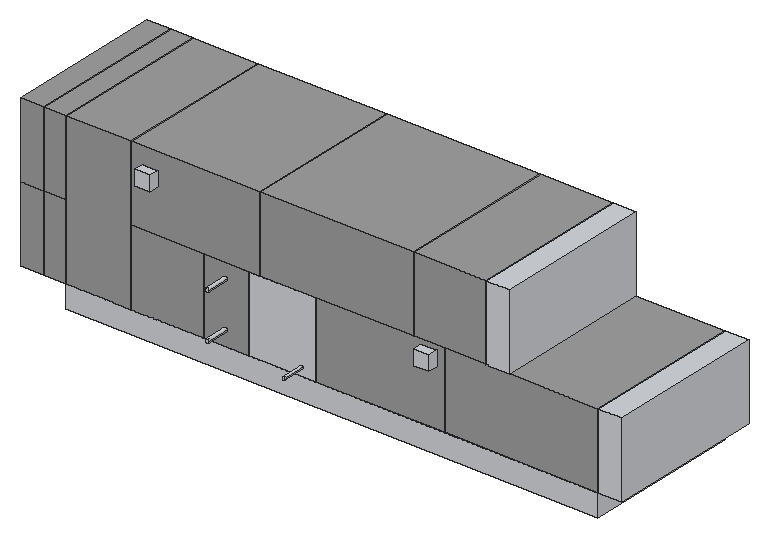
Revit family "Приточная-вытяжная система с водяным нагревом фреоновым охлаждением", category Оборудование, Revit 2021
Family settings
  Размер круглого соединителя = Использовать диаметр
  Классификация = Нет
  Тип детали = Нормальный
  На основе рабочей плоскости = Нет
  Всегда вертикально = Да
  При загрузке вырезать с полостями = Нет
  Общий = Нет
  Точка принадлежности помещению = Нет
Parameters (values of type "1А")
  Ширина ГВ = ADSK_Размер_Ширина  # 850 mm
  Частота вращения двигателя приток = 2835
  Частота вращения двигателя вытяжка = 2835
  Сторона обслуживания [instance] = "Справа"
  Слив конденсата = 15 mm
  Подключение нагревателя G [instance] = 20 mm
  Подключение испарителя K [instance] = 16 mm
  Подключение испарителя E = 12 mm
  Отметка по умолчанию = 0 mm
  Мощность двигателя приток = 0.55 kW
  Мощность двигателя вытяжка = 0.55 kW
  Коллектор испарителя выход = "1 х 16мм"
  Коллектор испарителя вход = "1 х 12мм"
  Длина секции испарителя [instance] = 361 mm
  Длина секции вентилятора FA (вытяжка) (по умолчанию) = 690 mm
  Длина камеры смешения = 349 mm
  Длина гибкой встаки = 125 mm
  Длина секции шумоглушения SL [instance] = 825 mm
  Длина секции нагревателя HW [instance] = 240 mm
  Длина клапана FC = 120 mm
  Длина секции вентилятора FA (приток) [instance] = 690 mm
  Длина секции фильтра F [instance] = 390 mm
  Высота рамы = 120 mm
  Высота ГВ = ADSK_Размер_Высота  # 404 mm
  ADSK_Тип воздушного фильтра [instance] = "G3"
  ADSK_Свободный напор воздуха = 400.0 Pa
  ADSK_Расход теплоносителя = 0.57 m³/h
  ADSK_Расход воздуха приточный [instance] = 1200.0 m³/h
  ADSK_Расход воздуха вытяжной = 1200.0 m³/h
  ADSK_Размер_Ширина = 850 mm
  ADSK_Размер_Высота = 404 mm
  ADSK_Обозначение = "ПВ4.1"
  ADSK_Напряжение = 380 V
  ADSK_Наименование краткое [instance] = "1A"
  ADSK_Масса = 424
Types (16, lengths in mm): name | Ширина ГВ | Частота вращения двигателя приток | Частота вращения двигателя вытяжка | Слив конденсата | Подключение нагревателя G | Подключение испарителя K | Подключение испарителя E | Мощность двигателя приток | Мощность двигателя вытяжка | Коллектор испарителя выход | Коллектор испарителя вход | Длина секции испарителя | Длина секции вентилятора FA (вытяжка) (по умолчанию) | Длина камеры смешения | Длина секции шумоглушения SL | Длина секции нагревателя HW | Длина секции вентилятора FA (приток) | Высота ГВ | ADSK_Расход теплоносителя | ADSK_Расход воздуха приточный | ADSK_Расход воздуха вытяжной | ADSK_Размер_Ширина | ADSK_Размер_Высота | ADSK_Обозначение | ADSK_Наименование краткое | ADSK_Масса
  1А | 850 | 2835 | 2835 | 15 | 20 | 16 | 12 | 0.55 kW | 0.55 kW | "1 х 16мм" | "1 х 12мм" | 361 | 690 | 349 | 825 | 240 | 690 | 404 | 0.57 m³/h | 1200.0 m³/h | 1200.0 m³/h | 850 | 404 | "ПВ4.1" | "1A" | 424
  2А | 980 | 2830 | 2805 | 15 | 20 | 22 | 15 | 1.1 kW | 0.75 kW | "1 х 22мм" | "1 х 15мм" | 361 | 690 | 349 | 825 | 240 | 690 | 505 | 1.18 m³/h | 2500.0 m³/h | 2550.0 m³/h | 980 | 505 | "ПВ4.2" | "2A" | 496
  16B | 2580 | 1465 | 1460 | 25 | 65 | 35 | 28 | 18.5 kW | 15.0 kW | "4 х 35мм" | "4 х 28мм" | 401 | 1990 | 1346 | 862 | 336 | 2120 | 2580 | 15.55 m³/h | 33000.0 m³/h | 33000.0 m³/h | 2580 | 2580 | "ПВ4.16" | "16B" | 3196
  3A | 1080 | 2880 | 2830 | 15 | 20 | 22 | 16 | 1.5 kW | 1.1 kW | "1 х 22мм" | "1 х 16мм" | 361 | 740 | 383 | 825 | 240 | 820 | 695 | 1.65 m³/h | 3500.0 m³/h | 3500.0 m³/h | 1080 | 695 | "ПВ4.3" | "3А" | 600
  4A | 1360 | 2880 | 2880 | 15 | 25 | 22 | 16 | 2.2 kW | 1.5 kW | "1 х 22мм" | "1 х 16мм" | 361 | 820 | 440 | 825 | 240 | 820 | 695 | 2.12 m³/h | 4500.0 m³/h | 4500.0 m³/h | 1360 | 695 | "ПВ4.4" | "4A" | 698
  5A | 1360 | 2905 | 2880 | 15 | 25 | 22 | 16 | 3.0 kW | 2.2 kW | "1 х 22мм" | "1 х 16мм" | 361 | 820 | 437 | 825 | 240 | 850 | 803 | 2.59 m³/h | 5500.0 m³/h | 5500.0 m³/h | 1360 | 803 | "ПВ4.5" | "5A" | 758
  6A | 1580 | 1455 | 2905 | 15 | 32 | 35 | 28 | 2.2 kW | 3.0 kW | "1 х 35мм" | "1 х 28мм" | 361 | 850 | 437 | 825 | 240 | 1350 | 803 | 3.06 m³/h | 6500.0 m³/h | 6500.0 m³/h | 1580 | 803 | "ПВ4.6" | "6A" | 888
  7A | 1580 | 2945 | 2945 | 15 | 25 | 28 | 22 | 4.0 kW | 4.0 kW | "1 х 28мм" | "1 х 22мм" | 361 | 900 | 531 | 825 | 240 | 1250 | 990 | 3.53 m³/h | 7500.0 m³/h | 7500.0 m³/h | 1580 | 990 | "ПВ4.7" | "7A" | 978
  8A | 1950 | 1455 | 2945 | 15 | 32 | 28 | 22 | 3.0 kW | 4.0 kW | "1 х 28мм" | "1 х 22мм" | 361 | 1250 | 531 | 825 | 240 | 1350 | 990 | 4.01 m³/h | 8500.0 m³/h | 85000.0 m³/h | 1950 | 990 | "ПВ4.8" | "8A" | 1151
  9A | 2160 | 1455 | 1455 | 15 | 32 | 35 | 28 | 3.0 kW | 3.0 kW | "1 х 35мм" | "1 х 28мм" | 361 | 1350 | 583 | 825 | 240 | 1380 | 1095 | 4.71 m³/h | 10000.0 m³/h | 10000.0 m³/h | 2160 | 1095 | "ПВ4.9" | "9A" | 1323
  10B | 2040 | 1465 | 1460 | 25 | 40 | 35 | 28 | 5.5 kW | 4.0 kW | "2 х 35мм" | "2 х 28мм" | 401 | 1460 | 736 | 862 | 281 | 1635 | 1360 | 6.13 m³/h | 13000.0 m³/h | 13000.0 m³/h | 2040 | 1360 | "ПВ4.10" | "10B" | 1663
  12B | 2040 | 1470 | 1465 | 25 | 50 | 35 | 28 | 11.0 kW | 7.5 kW | "2 х 35мм" | "2 х 28мм" | 401 | 1635 | 896 | 862 | 305 | 1675 | 1680 | 8.48 m³/h | 18000.0 m³/h | 18000.0 m³/h | 2040 | 1680 | "ПВ4.12" | "12B" | 1936
  11B | 2580 | 1465 | 1465 | 25 | 40 | 35 | 28 | 7.5 kW | 5.5 kW | "2 х 35мм" | "2 х 28мм" | 401 | 1635 | 736 | 862 | 281 | 1635 | 1360 | 7.54 m³/h | 16000.0 m³/h | 16000.0 m³/h | 2580 | 1360 | "ПВ4.11" | "11B" | 1962
  13B | 2040 | 1470 | 1465 | 25 | 50 | 35 | 28 | 11.0 kW | 7.5 kW | "1 х 35мм" | "1 х 28мм" | 401 | 1635 | 1076 | 862 | 305 | 1945 | 2040 | 9.42 m³/h | 20000.0 m³/h | 20000.0 m³/h | 2040 | 2040 | "ПВ4.13" | "13B" | 2224
  14B | 2580 | 1470 | 1470 | 25 | 50 | 35 | 28 | 11.0 kW | 11.0 kW | "2 х 35мм" | "2 х 28мм" | 401 | 1945 | 896 | 862 | 305 | 1945 | 1680 | 10.84 m³/h | 23000.0 m³/h | 23000.0 m³/h | 2580 | 1680 | "ПВ4.14" | "14B" | 2350
  15B | 2580 | 1460 | 1470 | 25 | 50 | 35 | 28 | 15.0 kW | 11.0 kW | "3 х 35мм" | "3 х 28мм" | 401 | 1945 | 1076 | 862 | 305 | 1945 | 2040 | 11.78 m³/h | 25000.0 m³/h | 25000.0 m³/h | 2580 | 2040 | "ПВ4.15" | "15B" | 2616
Reference planes
  plane 1 "По центру (Вперед/Назад)": y = 0
  plane 2: z = -120
  plane 3 "По центру (Влево/Вправо)": x = 0
  plane 4 "Ширина": y = -850
  plane 5: x = 229
  plane 6: x = 469
  plane 7: x = 1520
  plane 8: x = 2345
  plane 9: x = -630
  plane 10: x = -755
  plane 11: x = 2345
  plane 12: z = -120
  plane 13: z = -120
  plane 14: x = 2470
  plane 15 "Рама": z = -240
  plane 16: x = 830
  plane 17 "По центру Л/С": z = 284
  plane 18: x = -510
  plane 19 "По центру Л/Т": z = 688
  plane 20: x = -161
  plane 21: x = 529
  plane 22: x = 1354
  plane 23: x = 1744
  plane 24: x = 1869
Forms (mm)
  Extrusion 1, solid, material "По умолчанию"
    sketch origin (410, 0, 991.547) x (1, 0, 0) y (0, 0, 1)
      loop
        line (-571, -1111.547) -> (-181, -1111.547) -> (-181, -707.547) -> (-571, -707.547) -> (-571, -1111.547)
    from 0 <- "Отметка по умолчанию" to 850 <- "ADSK_Размер_Ширина"
  Extrusion 2, solid, material "По умолчанию"
    sketch origin (1011.876, 0, 111.547) x (1, 0, 0) y (0, 0, 1)
      loop
        line (-782.876, -231.547) -> (-542.876, -231.547) -> (-542.876, 172.453) -> (-782.876, 172.453) -> (-782.876, -231.547)
    from 0 to 850 <- "ADSK_Размер_Ширина"
  Extrusion 3, solid, material "По умолчанию"
    sketch origin (1531.876, 0, 111.547) x (1, 0, 0) y (0, 0, 1)
      loop
        line (-701.876, -231.547) -> (-11.876, -231.547) -> (-11.876, 172.453) -> (-701.876, 172.453) -> (-701.876, -231.547)
    from 0 to 850 <- "ADSK_Размер_Ширина"
  Extrusion 4, solid, material "По умолчанию"
    sketch origin (2191.876, 0, 111.547) x (1, 0, 0) y (0, 0, 1)
      loop
        line (-671.876, -231.547) -> (153.124, -231.547) -> (153.124, 172.453) -> (-671.876, 172.453) -> (-671.876, -231.547)
    from 0 to 850 <- "ADSK_Размер_Ширина"
  Extrusion 5, solid, material "По умолчанию"
    sketch origin (-570, 0, 0) x (1, 0, 0) y (0, 0, 1)
      loop
        line (-60, 284) -> (-185, 284) -> (-185, -120) -> (-60, -120) -> (-60, 284)
    from 0 to 850 <- "Ширина ГВ"
  Extrusion 6, solid
    sketch origin (1231.876, -850, 111.547) x (1, 0, 0) y (0, 0, 1)
      loop
        circle (-887.876, -151.547) r 10
      loop
        circle (-887.876, 92.453) r 10
    from 0 to 120
  Extrusion 7, solid
    sketch origin (1521.876, -850, 111.547) x (1, 0, 0) y (0, 0, 1)
      loop
        line (-123.706, 149) -> (-123.706, 69) -> (-43.706, 69) -> (-43.706, 149) -> (-123.706, 149)
    from 0 to 50
  Extrusion 8, solid
    sketch origin (621.876, 0, 111.547) x (1, 0, 0) y (0, 0, 1)
      loop
        line (1848.124, -231.547) -> (1848.124, 172.453) -> (1723.124, 172.453) -> (1723.124, -231.547) -> (1848.124, -231.547)
    from 0 to 850 <- "Ширина ГВ"
  Extrusion 9, solid
    sketch origin (0, 0, 0) x (1, 0, 0) y (0, 0, 1)
      loop
        line (-510, -240) -> (2345, -240) -> (2345, -120) -> (-510, -120) -> (-510, -240)
    from 0 to 850 <- "ADSK_Размер_Ширина"
  Extrusion 10, solid
    sketch origin (621.876, 0, 111.547) x (1, 0, 0) y (0, 0, 1)
      loop
        line (-152.876, 172.453) -> (-152.876, -231.547) -> (208.124, -231.547) -> (208.124, 172.453) -> (-152.876, 172.453)
    from 0 to 850 <- "ADSK_Размер_Ширина"
  Extrusion 11, solid, not visible
    sketch origin (1551.876, -850, 111.547) x (1, 0, 0) y (0, 0, 1)
      loop
        circle (-902.376, -151.547) r 8
      loop
        circle (-902.376, 92.453) r 6
    from 0 to 120
  Extrusion 12, solid
    sketch origin (0, 0, 0) x (1, 0, 0) y (0, 0, 1)
      loop
        circle (754.309, -77.394) r 7.5
    from 850 to 970
  Extrusion 13, solid, material "По умолчанию"
    sketch origin (-1.876, 0, 1291.547) x (1, 0, 0) y (0, 0, 1)
      loop
        line (-508.124, -1411.547) -> (-159.124, -1411.547) -> (-159.124, -603.547) -> (-508.124, -603.547) -> (-508.124, -1411.547)
    from 0 <- "Отметка по умолчанию" to 850 <- "ADSK_Размер_Ширина"
  Extrusion 14, solid, material "По умолчанию"
    sketch origin (662.808, 0, 1502.346) x (1, 0, 0) y (0, 0, 1)
      loop
        line (-823.808, -1218.346) -> (-133.808, -1218.346) -> (-133.808, -814.346) -> (-823.808, -814.346) -> (-823.808, -1218.346)
    from 0 to 850 <- "ADSK_Размер_Ширина"
  Extrusion 15, solid
    sketch origin (825.605, -850, 1430.079) x (1, 0, 0) y (0, 0, 1)
      loop
        line (-924.936, -832.365) -> (-924.936, -912.365) -> (-844.936, -912.365) -> (-844.936, -832.365) -> (-924.936, -832.365)
    from 0 to 50
  Extrusion 16, solid, material "По умолчанию"
    sketch origin (2216.876, 0, 1191.547) x (1, 0, 0) y (0, 0, 1)
      loop
        line (-1687.876, -907.547) -> (-862.876, -907.547) -> (-862.876, -503.547) -> (-1687.876, -503.547) -> (-1687.876, -907.547)
    from 0 to 850 <- "ADSK_Размер_Ширина"
  Extrusion 17, solid, material "По умолчанию"
    sketch origin (2595.082, 0, 2052.405) x (1, 0, 0) y (0, 0, 1)
      loop
        line (-1241.082, -1768.405) -> (-851.082, -1768.405) -> (-851.082, -1364.405) -> (-1241.082, -1364.405) -> (-1241.082, -1768.405)
    from 0 <- "Отметка по умолчанию" to 850 <- "ADSK_Размер_Ширина"
  Extrusion 18, solid
    sketch origin (465.055, 0, 1158.497) x (1, 0, 0) y (0, 0, 1)
      loop
        line (1403.945, -874.497) -> (1403.945, -470.497) -> (1278.945, -470.497) -> (1278.945, -874.497) -> (1403.945, -874.497)
    from 0 to 850 <- "Ширина ГВ"
  Extrusion 19, solid, material "По умолчанию"
    sketch origin (-518.477, 0, 657.489) x (1, 0, 0) y (0, 0, 1)
      loop
        line (-111.523, 30.511) -> (-236.523, 30.511) -> (-236.523, -373.489) -> (-111.523, -373.489) -> (-111.523, 30.511)
    from 0 to 850 <- "Ширина ГВ"
  Extrusion 20, solid, material "По умолчанию"
    sketch origin (-744.477, 0, 293.489) x (1, 0, 0) y (0, 0, 1)
      loop
        line (234.477, -9.489) -> (114.477, -9.489) -> (114.477, -413.489) -> (234.477, -413.489) -> (234.477, -9.489)
    from 0 to 850 <- "Ширина ГВ"
  Extrusion 21, solid, material "По умолчанию"
    sketch origin (-669.906, 0, 1231.199) x (1, 0, 0) y (0, 0, 1)
      loop
        line (159.906, -543.199) -> (39.906, -543.199) -> (39.906, -947.199) -> (159.906, -947.199) -> (159.906, -543.199)
    from 0 to 850 <- "Ширина ГВ"
Dimensions and locks
  Extrusion 1 sketch curve to Extrusion 1 sketch curve = 404 mm
  "Длина секции нагревателя HW": plane 6 to plane 5
  "Длина секции вентилятора FA (приток)": plane 7 to plane 16
  "Длина секции шумоглушения SL": plane 8 to plane 7
  Extrusion 2 sketch curve to Extrusion 2 sketch curve = 404 mm
  Extrusion 3 sketch curve to Extrusion 3 sketch curve = 404 mm
  Extrusion 4 sketch curve to Extrusion 4 sketch curve = 404 mm
  "ADSK_Размер_Ширина": plane 1 "По центру (Вперед/Назад)" to plane 4 "Ширина"
  "Длина гибкой встаки": plane 9 to plane 10
  locked: Extrusion 6 sketch curve to level at 80
  equal spacing: plane 6, Extrusion 6 sketch curve, plane 5  (x2)
  locked: Extrusion 7 sketch curve to Extrusion 7 sketch curve at 80  (x2)
  plane 7 to Extrusion 7 sketch curve = 41.831 mm
  locked: plane 4 "Ширина" to Extrusion 7 at 50
  level to plane 13 = 0 mm
  "Высота ГВ": Extrusion 5 sketch curve to Extrusion 5 sketch curve
  "Длина гибкой встаки": plane 14 to plane 11
  "Высота ГВ": Extrusion 8 sketch curve to Extrusion 8 sketch curve
  Extrusion 8 sketch curve to level = 0 mm
  "Длина секции испарителя": plane 16 to plane 6
  equal spacing: plane 16, Extrusion 11 sketch curve, plane 6  (x2)
  "ADSK_Размер_Высота": plane 17 "По центру Л/С" to level
  "Длина клапана FC": plane 18 to plane 9
  "ADSK_Размер_Высота": plane 19 "По центру Л/Т" to plane 17 "По центру Л/С"
  Extrusion 13 sketch curve to Extrusion 13 sketch curve = 808 mm
  "Длина камеры смешения": plane 20 to plane 18
  "Длина секции фильтра F": plane 5 to plane 20
  Extrusion 14 sketch curve to Extrusion 14 sketch curve = 404 mm
  locked: Extrusion 15 sketch curve to Extrusion 15 sketch curve at 80  (x2)
  "Длина секции вентилятора FA (вытяжка) (по умолчанию)": plane 21 to plane 20
  locked: Extrusion 14 to Extrusion 15 at 61.669
  locked: Extrusion 14 to Extrusion 15 at 90.286
  "Длина секции шумоглушения SL": plane 22 to plane 21
  Extrusion 16 sketch curve to Extrusion 16 sketch curve = 404 mm
  "Длина секции фильтра F": plane 23 to plane 22
  Extrusion 17 sketch curve to Extrusion 17 sketch curve = 404 mm
  "Высота ГВ": Extrusion 18 sketch curve to Extrusion 18 sketch curve
  "Длина гибкой встаки": plane 24 to plane 23
  "Высота ГВ": Extrusion 19 sketch curve to Extrusion 19 sketch curve
  "Высота ГВ": Extrusion 20 sketch curve to Extrusion 20 sketch curve
  "Высота ГВ": Extrusion 21 sketch curve to Extrusion 21 sketch curve
  "Подключение нагревателя G": diameter of Extrusion 6 sketch curve  (x2)
  "Подключение испарителя E": diameter of Extrusion 11 sketch curve
  "Подключение испарителя K": diameter of Extrusion 11 sketch curve
  "Слив конденсата": diameter of Extrusion 12 sketch curve
  aligned and locked: level to plane 2
  aligned and locked: plane 5 to Extrusion 1
  aligned and locked: Extrusion 1 to level
  aligned and locked: Extrusion 1 to plane 4 "Ширина"
  aligned and locked: plane 6 to Extrusion 2
  aligned and locked: plane 7 to Extrusion 3
  aligned and locked: plane 8 to Extrusion 4
  aligned and locked: Extrusion 2 to Extrusion 1  (x3)
  aligned and locked: Extrusion 4 to plane 7
  aligned and locked: Extrusion 4 to Extrusion 1  (x2)
  aligned and locked: Extrusion 3 to Extrusion 1  (x2)
  aligned and locked: Extrusion 2 to level
  aligned and locked: Extrusion 3 to level
  aligned and locked: Extrusion 4 to level
  aligned and locked: plane 4 "Ширина" to Extrusion 7
  aligned and locked: plane 9 to Extrusion 5 sketch curve
  aligned and locked: Extrusion 5 sketch curve to plane 10
  aligned and locked: Extrusion 8 sketch curve to plane 14
  aligned and locked: plane 11 to Extrusion 8 sketch curve
  aligned and locked: level to Extrusion 5 sketch curve
  aligned and locked: plane 8 to plane 11
  aligned and locked: Extrusion 9 sketch curve to plane 15 "Рама"
  aligned and locked: Extrusion 9 sketch curve to level
  aligned and locked: plane 8 to Extrusion 9 sketch curve
  aligned and locked: Extrusion 3 to plane 16
  aligned and locked: plane 6 to Extrusion 10 sketch curve
  aligned and locked: Extrusion 10 sketch curve to plane 16
  aligned and locked: Extrusion 11 to Extrusion 1
  aligned and locked: Extrusion 12 to Extrusion 1
  aligned and locked: Extrusion 6 to Extrusion 12
  aligned and locked: plane 17 "По центру Л/С" to Extrusion 1
  aligned and locked: plane 17 "По центру Л/С" to Extrusion 10
  aligned and locked: Extrusion 13 to plane 2
  aligned and locked: plane 19 "По центру Л/Т" to Extrusion 13
  aligned and locked: Extrusion 13 to plane 18
  aligned and locked: plane 20 to Extrusion 13
  aligned and locked: Extrusion 9 to plane 18
  aligned and locked: Extrusion 1 to plane 20
  aligned and locked: Extrusion 10 to plane 2
  aligned and locked: level to Extrusion 8
  aligned and locked: Extrusion 14 to plane 17 "По центру Л/С"
  aligned and locked: plane 19 "По центру Л/Т" to Extrusion 14
  aligned and locked: Extrusion 14 to plane 20
  aligned and locked: Extrusion 14 to plane 21
  aligned and locked: Extrusion 16 to plane 17 "По центру Л/С"
  aligned and locked: plane 19 "По центру Л/Т" to Extrusion 16
  aligned and locked: Extrusion 16 to plane 21
  aligned and locked: Extrusion 16 to plane 22
  aligned and locked: Extrusion 17 to plane 17 "По центру Л/С"
  aligned and locked: plane 19 "По центру Л/Т" to Extrusion 17
  aligned and locked: Extrusion 17 to plane 22
  aligned and locked: Extrusion 17 to plane 23
  aligned and locked: Extrusion 18 to plane 17 "По центру Л/С"
  aligned and locked: Extrusion 18 to plane 23
  aligned and locked: plane 19 "По центру Л/Т" to Extrusion 18
  aligned and locked: Extrusion 18 to plane 24
  aligned and locked: Extrusion 19 to plane 17 "По центру Л/С"
  aligned and locked: Extrusion 19 to plane 10
  aligned and locked: plane 9 to Extrusion 19
  aligned and locked: plane 19 "По центру Л/Т" to Extrusion 19
  aligned and locked: plane 9 to Extrusion 20
  aligned and locked: plane 18 to Extrusion 20
  aligned and locked: Extrusion 20 to level
  aligned and locked: plane 17 "По центру Л/С" to Extrusion 20
  aligned and locked: Extrusion 21 to plane 17 "По центру Л/С"
  aligned and locked: Extrusion 21 to plane 9
  aligned and locked: plane 18 to Extrusion 21
Automatic sketch dimensions
  Extrusion 1 sketch curve to plane 17 "По центру Л/С" = 0 mm
  Extrusion 1 sketch curve to plane 20 = 0 mm
  Extrusion 1 sketch curve to plane 5 = 0 mm
  Extrusion 2 sketch curve to plane 5 = 0 mm
  Extrusion 2 sketch curve to plane 6 = 0 mm
  Extrusion 2 sketch curve to level = 0 mm
  Extrusion 3 sketch curve to plane 16 = 0 mm
  Extrusion 3 sketch curve to plane 7 = 0 mm
  Extrusion 3 sketch curve to level = 0 mm
  Extrusion 4 sketch curve to plane 7 = 0 mm
  Extrusion 4 sketch curve to plane 8 = 0 mm
  Extrusion 4 sketch curve to level = 0 mm
  Extrusion 6 sketch curve to Extrusion 2 = 115 mm  (x2)
  Extrusion 6 sketch curve to Extrusion 2 = 80 mm
  Extrusion 7 sketch curve to plane 17 "По центру Л/С" = 103.453 mm
  Extrusion 9 sketch curve to plane 18 = 0 mm
  Extrusion 10 sketch curve to level = 0 mm
  Extrusion 10 sketch curve to plane 17 "По центру Л/С" = 0 mm
  Extrusion 11 sketch curve to Extrusion 2 = 80 mm  (x2)
  Extrusion 12 sketch curve to plane 16 = 75.691 mm
  level to Extrusion 12 sketch curve = 42.606 mm
  Extrusion 13 sketch curve to plane 18 = 0 mm
  Extrusion 13 sketch curve to plane 19 "По центру Л/Т" = 0 mm
  Extrusion 13 sketch curve to plane 20 = 0 mm
  Extrusion 14 sketch curve to plane 19 "По центру Л/Т" = 0 mm
  Extrusion 14 sketch curve to plane 20 = 0 mm
  Extrusion 14 sketch curve to plane 21 = 0 mm
  Extrusion 15 sketch curve to Extrusion 14 = 61.669 mm
  Extrusion 15 sketch curve to Extrusion 14 = 170.286 mm
  Extrusion 16 sketch curve to plane 19 "По центру Л/Т" = 0 mm
  Extrusion 16 sketch curve to plane 21 = 0 mm
  Extrusion 16 sketch curve to plane 22 = 0 mm
  Extrusion 17 sketch curve to plane 19 "По центру Л/Т" = 0 mm
  Extrusion 17 sketch curve to plane 22 = 0 mm
  Extrusion 17 sketch curve to plane 23 = 0 mm
  Extrusion 18 sketch curve to plane 17 "По центру Л/С" = 0 mm
  plane 23 to Extrusion 18 sketch curve = 0 mm
  Extrusion 18 sketch curve to plane 24 = 0 mm
  Extrusion 19 sketch curve to plane 10 = 0 mm
  Extrusion 19 sketch curve to plane 9 = 0 mm
  Extrusion 19 sketch curve to plane 17 "По центру Л/С" = 0 mm
  Extrusion 20 sketch curve to plane 9 = 0 mm
  Extrusion 20 sketch curve to level = 0 mm
  Extrusion 20 sketch curve to plane 18 = 0 mm
  Extrusion 21 sketch curve to plane 18 = 120 mm
  plane 18 to Extrusion 21 sketch curve = 0 mm
  Extrusion 21 sketch curve to plane 19 "По центру Л/Т" = 404 mm
Connectors
  electrical at (1438.169, -900, 220.547), driven by "Мощность двигателя приток"
    settings: on Extrusion 7, index 3, voltage 380 V, apparent load 0.0 kW, apparent load phase1 0.55 kW, apparent load phase2 0.0 kW, apparent load phase3 0.0 kW, power factor 1, load classification "Прочее", number of poles 1, system type 31, power factor state 1, is connector primary yes, connector utility no, sub classification motor yes, connector description ""
  hvac at (-755, -425, 82), driven by "Высота ГВ", driven by "Ширина ГВ", driven by "ADSK_Расход воздуха приточный"
    settings: on Extrusion 5, index 4, duct flow 1200.0 m³/h, flow factor 0, pres drop 0.0 Pa, loss coef 0, conn angle 0.00°, conn width 850 mm, conn height 404 mm, conn diameter 609.6 mm, duct sys type 1, conn prof type 1, flow config 0, flow direction 2, loss method 0, conn ref index -1, conn util yes, is conn primary yes, conn desc ""
  hvac at (2470, -425, 82), driven by "Высота ГВ", driven by "Ширина ГВ", driven by "ADSK_Расход воздуха приточный"
    settings: on Extrusion 8, index 5, duct flow 1200.0 m³/h, flow factor 0, pres drop 0.0 Pa, loss coef 0, conn angle 0.00°, conn width 850 mm, conn height 404 mm, conn diameter 609.6 mm, duct sys type 1, conn prof type 1, flow config 0, flow direction 1, loss method 0, conn ref index -1, conn util yes, is conn primary no, conn desc ""
  piping at (344, -970, 204), diameter 20, driven by "Подключение нагревателя G", driven by "ADSK_Расход теплоносителя"
    settings: on Extrusion 6, index 6, connector inside diameter 609.6 mm, connector length 0 mm, flow factor 0, pipe flow 0.57 m³/h, pressure drop 0.0 Pa, fitting loss kfactor 0, connector angle 0.00°, fixture units 0, engagement length 0 mm, angle of deflection 0.00°, flow configuration 0, flow direction 0, fitting loss method 0, system type 19, joint type 0, gender type 0, connector reference index -1, connector utility 0, adjustable connector no, is connector primary yes, connector description ""
  piping at (344, -970, -40), diameter 20, driven by "Подключение нагревателя G", driven by "ADSK_Расход теплоносителя"
    settings: on Extrusion 6, index 7, connector inside diameter 609.6 mm, connector length 0 mm, flow factor 0, pipe flow 0.57 m³/h, pressure drop 0.0 Pa, fitting loss kfactor 0, connector angle 0.00°, fixture units 0, engagement length 0 mm, angle of deflection 0.00°, flow configuration 0, flow direction 0, fitting loss method 0, system type 19, joint type 0, gender type 0, connector reference index -1, connector utility 0, adjustable connector no, is connector primary no, connector description ""
  piping at (754.309, -970, -77.394), diameter 15, driven by "Слив конденсата"
    settings: on Extrusion 12, index 12, connector inside diameter 609.6 mm, connector length 0 mm, flow factor 0, pipe flow 0.0 m³/h, pressure drop 0.0 Pa, fitting loss kfactor 0, connector angle 0.00°, fixture units 0, engagement length 0 mm, angle of deflection 0.00°, flow configuration 0, flow direction 0, fitting loss method 0, system type 7, joint type 0, gender type 0, connector reference index -1, connector utility 0, adjustable connector no, is connector primary no, connector description ""
  piping at (649.5, -970, 204), diameter 12, driven by "Подключение испарителя E"
    settings: on Extrusion 11, index 13, connector inside diameter 609.6 mm, connector length 0 mm, flow factor 0, pipe flow 0.0 m³/h, pressure drop 0.0 Pa, fitting loss kfactor 0, connector angle 0.00°, fixture units 0, engagement length 0 mm, angle of deflection 0.00°, flow configuration 0, flow direction 0, fitting loss method 0, system type 7, joint type 0, gender type 0, connector reference index -1, connector utility 0, adjustable connector no, is connector primary no, connector description ""
  piping at (649.5, -970, -40), diameter 16, driven by "Подключение испарителя K"
    settings: on Extrusion 11, index 14, connector inside diameter 609.6 mm, connector length 0 mm, flow factor 0, pipe flow 0.0 m³/h, pressure drop 0.0 Pa, fitting loss kfactor 0, connector angle 0.00°, fixture units 0, engagement length 0 mm, angle of deflection 0.00°, flow configuration 0, flow direction 0, fitting loss method 0, system type 7, joint type 0, gender type 0, connector reference index -1, connector utility 0, adjustable connector no, is connector primary no, connector description ""
  electrical at (-59.331, -900, 557.714), driven by "ADSK_Напряжение", driven by "Мощность двигателя вытяжка"
    settings: on Extrusion 15, index 15, voltage 380 V, apparent load 0.0 kW, apparent load phase1 0.55 kW, apparent load phase2 0.0 kW, apparent load phase3 0.0 kW, power factor 1, load classification "Прочее", number of poles 1, system type 31, power factor state 1, is connector primary no, connector utility no, sub classification motor no, connector description ""
  hvac at (1869, -425, 486), driven by "ADSK_Размер_Высота", driven by "ADSK_Размер_Ширина", driven by "ADSK_Расход воздуха вытяжной"
    settings: on Extrusion 18, index 17, duct flow 1200.0 m³/h, flow factor 0, pres drop 0.0 Pa, loss coef 0, conn angle 0.00°, conn width 850 mm, conn height 404 mm, conn diameter 609.6 mm, duct sys type 3, conn prof type 1, flow config 0, flow direction 0, loss method 0, conn ref index -1, conn util no, is conn primary no, conn desc ""
  hvac at (-755, -425, 486), driven by "ADSK_Размер_Высота", driven by "ADSK_Размер_Ширина", driven by "ADSK_Расход воздуха вытяжной"
    settings: on Extrusion 19, index 18, duct flow 1200.0 m³/h, flow factor 0, pres drop 0.0 Pa, loss coef 0, conn angle 0.00°, conn width 850 mm, conn height 404 mm, conn diameter 609.6 mm, duct sys type 3, conn prof type 1, flow config 0, flow direction 0, loss method 0, conn ref index -1, conn util no, is conn primary no, conn desc ""
